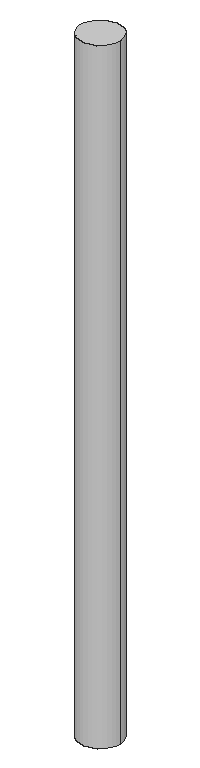
Revit family "TIE ROD 15-0,235_0230024", category Generic Models, Revit 2018
Family settings
  Can host rebar = No
  Round Connector Dimension = Use Diameter
  Part Type = Normal
  OmniClass Number = 35.51.14.00
  OmniClass Title = FORMWORK
  Work Plane-Based = Yes
  Always vertical = No
  Cut with Voids When Loaded = No
  Shared = Yes
  Room Calculation Point = No
Parameters
  VERSION = "20190101"  # constant formula
  URL = "www.ulmaconstruction.com/en"
  UNICLASS = ""
  ITEM_CODE = "0230024"
  Manufacturer = "ULMA CONSTRUCTION"  # constant formula
  FILTER [instance] = ""
  Default Elevation = 0 mm
  CLASSIFICATION TITLE = ""
  CLASSIFICATION NUMBER = ""
Reference planes
  plane 1 "Centro (Frontal/Posterior)": y = 0
  plane 2: z = 0
  plane 3 "Centro (Izquierda/Derecha)": x = 0
  plane 4 "ITEM_LENGTH": z = 235
  plane 5 "MIDDLE": z = 117.5
Forms (mm)
  Extrusion 1, solid, material "ULMA ZINC", detail levels medium+fine
    sketch origin (0, 0, 0) x (1, 0, 0) y (0, 1, 0)
      loop
        circle (0, 0) r 7.5
    from 0 to 235
Lines and regions (mm)
  model lines, style "ULMA TIE ROD", detail levels coarse
    curve 1: line (0, 0, 0) -> (0, 0, 235)
Dimensions and locks
  locked: plane 4 "ITEM_LENGTH" to plane 2 at 235
  equal spacing: plane 4 "ITEM_LENGTH", plane 5 "MIDDLE", plane 2
  aligned and locked: level to plane 2
  aligned and locked: plane 4 "ITEM_LENGTH" to curve 1
  aligned and locked: plane 2 to curve 1
Automatic sketch dimensions
  plane 1 "Centro (Frontal/Posterior)" to Extrusion 1 sketch curve = 0 mm
  Extrusion 1 sketch curve to plane 3 "Centro (Izquierda/Derecha)" = 0 mm
  curve 1 to plane 3 "Centro (Izquierda/Derecha)" = 0 mm
  radius of Extrusion 1 sketch curve = 7.5 mm
